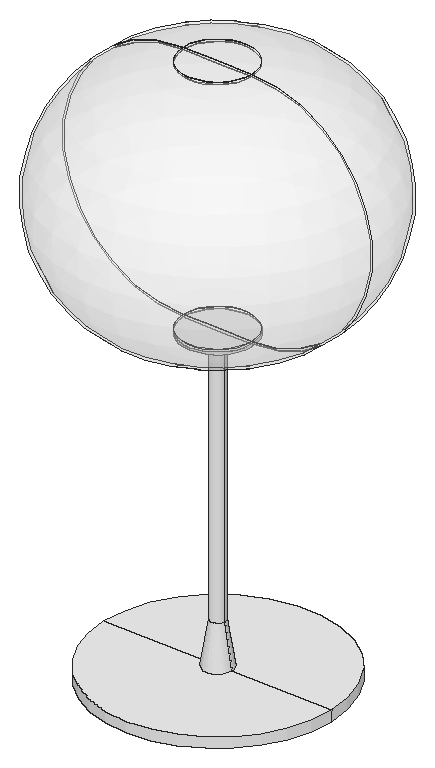
Revit family
Parameters (values of type "T2 - 800 x 450")
  Wattage Comments = "250"
  Wattage = 9.2903 W
  built-in parameter 1150110 = 1 (stored number, unit not read)
  built-in parameter 1114217 = 1 (stored number, unit not read)
  built-in parameter 1150109 = 1 (stored number, unit not read)
  built-in parameter 1150134 = 3
  built-in parameter 1150113 = 1 (stored number, unit not read)
  Model = ""
  Manufacturer = "Revit"
  built-in parameter 1150105 = 109.82 (stored number, unit not read)
  Lumens = 1380 lm
  built-in parameter 1150115 = 1 (stored number, unit not read)
  Light Source Symbol Size = 609.6 mm
  built-in parameter 1150137 = (empty or 0)
  built-in parameter 1150139 = (empty or 0)
  built-in parameter 1150112 = 1 (stored number, unit not read)
  built-in parameter 1150114 = 1 (stored number, unit not read)
  Lamp = "Halogen"
  Keynote = "V"
  built-in parameter 1150132 = 2
  built-in parameter 1150102 = (empty or 0)
  built-in parameter 1150107 = 3200 (stored number, unit not read)
  built-in parameter 1150138 = (empty or 0)
  built-in parameter 1150106 = 1.0982 (stored number, unit not read)
  Globe Radius = 175 mm
  Material Shade = Glass - White, Frosted
  built-in parameter 1150104 = 13.8 (stored number, unit not read)
  Dimming Lamp Color Temperature Shift = (empty or 0)
  Description = "Floor Lamp"
  Color Filter = 16777215
  Base Radius = 165 mm
  Material Base = Metal - Aluminium
  Base Height = 450 mm
  built-in parameter 1114218 = 1 (stored number, unit not read)
  built-in parameter 1150133 = 10 (stored number, unit not read)
  Assembly Code = "D5020220"
Types (4, lengths in mm): name | Wattage Comments | Globe Radius | Base Radius | Base Height
  (no name) | "250" | 175 | 165 | 450
  F - 1850 x 450 | "250" | 175 | 185 | 1500
  T2 - 800 x 450 | "250" | 175 | 165 | 450
  T1 - 600 x 330 | "150" | 115 | 120 | 250
Reference planes
  plane 1 "Light Source Axis (F/B)": y = 0
  plane 2: z = 0
  plane 3 "Light Source Axis (L/R)": x = 0
  plane 4 "Light Source Elevation": z = 625
  plane 5: z = 450
  plane 6: z = 800
Forms (mm)
  Revolve 1, solid, material "Metal - Aluminium" <- "Material Base"
    sketch origin (0, 0, 0) x (1, 0, 0) y (0, 0, 1)
      loop
        line (0, 0) -> (0, 450) -> (-50, 450) -> (-50, 447) -> (-10, 447) -> (-10, 75.75) -> (-20, 15) -> (-165, 15) -> (-165, 0) -> (0, 0)
      axis (0, 450) -> (0, 0)
    angle from 0 to 360
  Revolve 2, solid, material "Glass - White, Frosted" <- "Material Shade"
    sketch origin (0, 0, 0) x (1, 0, 0) y (0, 0, 1)
      loop
        arc (-50, 800) -> (-225, 625) -> (-50, 450) r 175
        line (-50, 450) -> (0, 450) -> (0, 453) -> (-50, 453)
        arc (-50, 453) -> (-222, 625) -> (-50, 797) r 172
        line (-50, 797) -> (0, 797) -> (0, 800) -> (-50, 800)
      axis (0, 800) -> (0, 450)
    angle from 0 to 360
Dimensions and locks
  "Base Radius": Revolve 1 sketch curve to Revolve 1 sketch curve
  locked: Revolve 1 sketch curve to Revolve 1 sketch curve at 15
  locked: Revolve 1 sketch curve to Revolve 1 sketch curve at 20
  locked: Revolve 1 sketch curve to Revolve 1 sketch curve at 10
  locked: Revolve 1 sketch curve to Revolve 1 sketch curve at 60.75
  locked: Revolve 1 sketch curve to Revolve 1 sketch curve at 3
  locked: Revolve 1 sketch curve to Revolve 1 sketch curve at 40
  plane 6 to plane 5 = 350 mm
  locked: Revolve 2 sketch curve to Revolve 2 sketch curve at 3  (x2)
  Revolve 2 sketch curve to Revolve 2 sketch curve = 350 mm
  "Base Height": plane 5 to plane 2
  equal spacing: plane 6, plane 4 "Light Source Elevation", plane 5
  locked: plane 5 to Revolve 2 sketch curve at 0
  "Globe Radius": radius of Revolve 2 sketch curve
  aligned and locked: Revolve 1 sketch curve to plane 5
  aligned and locked: plane 3 "Light Source Axis (L/R)" to imposter light
  aligned and locked: plane 1 "Light Source Axis (F/B)" to imposter light
  aligned and locked: plane 4 "Light Source Elevation" to imposter light
Automatic sketch dimensions
  Revolve 1 sketch curve to level = 0 mm
  Revolve 1 sketch curve to plane 3 "Light Source Axis (L/R)" = 0 mm  (x2)
  Revolve 1 sketch curve to level = 271.696 mm
  Revolve 1 sketch curve to plane 4 "Light Source Elevation" = 22.626 mm
  Revolve 2 sketch curve to plane 3 "Light Source Axis (L/R)" = 0 mm  (x3)
  Revolve 2 sketch curve to level = 271.696 mm
  Revolve 2 sketch curve to Revolve 2 sketch curve = 0 mm
  Revolve 2 sketch curve to plane 3 "Light Source Axis (L/R)" = 50 mm
  Revolve 2 sketch curve to plane 4 "Light Source Elevation" = 22.626 mm
